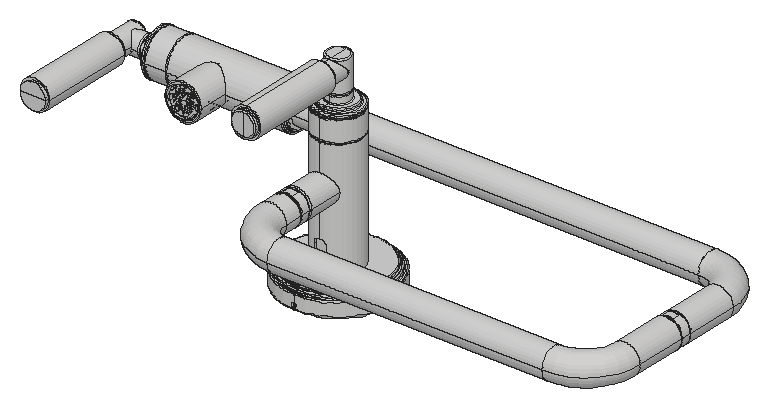
Revit family "Faucet-Wall_Mount-Pot_Filler-KALLISTA-Laura_Kirar-P28961", category Plumbing Fixtures, host Face, Revit 2021
Family settings
  Host = Face
  Round Connector Dimension = Use Diameter
  Part Type = Normal
  OmniClass Number = 23.31.11.00
  OmniClass Title = Faucets
  Cut with Voids When Loaded = No
  Shared = No
  Room Calculation Point = No
Parameters (values of type "VS-Stainless")
  Width = 2.88189"  # constant formula
  WaterSense Certified = 1 = 0  # no
  Waste Water Outlet = "Waste Water Outlet"  # constant formula
  Waste Connection = 1 = 0  # no
  Vent Connection = 1 = 0  # no
  URL = "https://www.kallista.com/"
  Type = 3
  Spout Reach = 4 1/4"  # constant formula
  Product Page URL = ""
  Product Name = "Laura Kirar"  # constant formula
  Product Documentation Link = ""
  Pressure = 60.00 psi  # constant formula
  Model = if(Type = 1, "P28961-00-CP", if(Type = 2, "P28961-00-SN", if(Type = 3, "P28961-00-VS", "NA")))  # "P28961-00-VS"
  Material = "Premium Metal Construction"  # constant formula
  Master Format 2014 Name = "Residential Faucets, Supplies, and Trim"  # constant formula
  Master Format 2014 = "22 41 39"  # constant formula
  Manufacturer Address = "444 Highland Dr, Kohler, WI 53044"  # constant formula
  Manufacturer = "Kallista Co."  # constant formula
  Length = L1 + L2  # 22 1/256"
  L2 = 13 33/256"  # constant formula
  L1 = 8 7/8"  # constant formula
  Hot Water Inlet = "Hot Water Inlet"  # constant formula
  Height = 5 17/64"  # constant formula
  Handle Clearance = 2 61/64"  # constant formula
  HW Connection = 1 = 1  # yes
  Flow Rate = 3.2 GPM  # constant formula
  Finish = Kallista-Metal-VS-Stainless
  Environmental Product Declaration = ""
  Drain Included = 1 = 0  # no
  Description = "Pot Filler"  # constant formula
  Default Elevation = 36"
  Declare Label = ""
  Date Modified = "05/19/2023"  # constant formula
  Date Created = "05/19/2023"  # constant formula
  Copyright = "Copyright Kallista Co."  # constant formula
  Contact Us = "https://www.kallista.com/corporate/contact-us/"
  Cold Water Inlet = "Cold Water Inlet"  # constant formula
  CW Connection = 1 = 1  # yes
  Assembly Code = "D2010"
  ADA Compliant = 1 = 0  # no
Reference planes (in)
  plane 1 "Center (Front/Back)": y = 0
  plane 2: z = 0
  plane 3 "Center (Left/Right)": x = 0
  plane 4: y = 2.34155
  plane 5: x = -4.25391
  plane 6: x = 1.44094
  plane 7: y = -2.72259
  plane 8: y = -3.48425
  plane 9: x = 8.875
  plane 10: x = 8.48961
  plane 11: x = 9.25732
  plane 12: y = -2.25
  plane 13: x = -1.44094
  plane 14: y = 1.77165
  plane 15: y = -1.44094
  plane 16: y = 2.15551
  plane 17: z = 5.17187
  plane 18: z = 4.37036
  plane 19: x = -0.50446
  plane 20: y = 1.44094
  plane 21: x = 0.50446
  plane 22: x = -7.06324
  plane 23: z = 5.26562
  plane 24: y = -2.95313
Dimensions and locks (in)
  "L2": plane 5 to plane 9
  "L1": plane 3 "Center (Left/Right)" to plane 9
  "Spout Reach": plane 5 to plane 3 "Center (Left/Right)"
  plane 3 "Center (Left/Right)" to plane 11 = 9.25732"
  plane 8 to plane 7 = 0.76167"
  plane 14 to plane 8 = 5.25591"
  "Width": plane 20 to plane 15
  "Height": level to plane 23
  "Handle Clearance": plane 1 "Center (Front/Back)" to plane 24
  aligned and locked: plane 2 to host face
  aligned and locked: level to host face
  aligned and locked: plane 3 "Center (Left/Right)" to nested 1
  aligned and locked: plane 1 "Center (Front/Back)" to nested 1
Automatic sketch dimensions
  host sketch curve to host sketch curve = 96"  (x2)
Nested families (in)
  nested 1: "P28961" at (0, 0, 0), type "P28961"
Connectors (in)
  piping at (-0.50443, 0, 0), diameter 0.5, driven by "Flow Rate", driven by "Pressure", driven by "HW Connection", driven by "Hot Water Inlet"
    settings: on nested 1, index 1, connector inside diameter 24", connector length 0", flow factor 0, pipe flow 3.2 GPM, pressure drop 60.00 psi, fitting loss kfactor 0, connector angle 0.00°, fixture units 0, engagement length 0", angle of deflection 0.00°, flow configuration 1, flow direction 1, fitting loss method 4, system type 19, joint type 0, gender type 0, connector reference index -1, connector utility 1, adjustable connector no, is connector primary yes, connector description "Hot Water Inlet"
  piping at (0.50443, 0, 0), diameter 0.5, driven by "Flow Rate", driven by "Pressure", driven by "CW Connection", driven by "Cold Water Inlet"
    settings: on nested 1, index 2, connector inside diameter 24", connector length 0", flow factor 0, pipe flow 3.2 GPM, pressure drop 60.00 psi, fitting loss kfactor 0, connector angle 0.00°, fixture units 0, engagement length 0", angle of deflection 0.00°, flow configuration 1, flow direction 1, fitting loss method 4, system type 20, joint type 0, gender type 0, connector reference index -1, connector utility 1, adjustable connector no, is connector primary no, connector description "Cold Water Inlet"
Definition of nested family "P28961"
  Parameters
    Material = none
    Default Elevation = 0"
  Reference planes (in)
    plane 1 "Center (Front/Back)": y = 0
    plane 2: z = 0
    plane 3 "Center (Left/Right)": x = 0
    plane 4: x = -1.44094
    plane 5: x = 1.44094
    plane 6: x = -4.25646
    plane 7: x = 8.87346
    plane 8: x = -7.06324
    plane 9: y = -0.48529
    plane 10: y = -3.48425
    plane 11: y = 1.77165
    plane 12: y = -2.72259
    plane 13: y = 2.15551
    plane 14: y = 1.3878
    plane 15: x = 8.48961
    plane 16: x = 9.25732
    plane 17: z = 5.26398
    plane 18: z = 4.37036
    plane 19: y = -2.24944
    plane 20: y = 1.44094
    plane 21: y = -1.44094
    plane 22: y = 2.34155
    plane 23: y = -2.95258
  Forms (in)
    Sweep 1, solid, material <- "Material", detail levels medium+fine
      path origin (0.00308, 0, 0) x (1, 0, 0) y (0, 1, 0)
        loop
          line (-0.00308, -1.67936) -> (-0.00308, -2.10273)
          arc (-0.00308, -2.10273) -> (0.29255, -2.81643) -> (1.00625, -3.11206) r 1.00932
          line (1.00625, -3.11206) -> (7.88707, -3.11206)
          arc (7.88707, -3.11206) -> (8.58305, -2.82378) -> (8.87133, -2.1278) r 0.98425
          line (8.87133, -2.1278) -> (8.87133, -0.84735)
      profile origin (0, -1.89105, 0) x (1, 0, 0) y (0, 0, 1)
        loop
          circle (0, 2.36229) r 0.37795
    Revolve 2, solid, material <- "Material", detail levels medium+fine
      sketch origin (0, 0, 2.35808) x (1, 0, 0) y (0, 1, 0)
        loop
          line (-2.30504, 1.77165) -> (-2.30504, 2.23942)
          arc (-2.30504, 2.23942) -> (-2.31111, 2.25407) -> (-2.32575, 2.26014) r 0.02071
          line (-2.32575, 2.26014) -> (-2.35966, 2.26014)
          arc (-2.35966, 2.26014) -> (-2.38203, 2.26815) -> (-2.39422, 2.28854) r 0.03523
          line (-2.39422, 2.28854) -> (-2.39422, 2.31991)
          arc (-2.39422, 2.31991) -> (-2.40012, 2.33415) -> (-2.41437, 2.34005) r 0.02015
          line (-2.41437, 2.34005) -> (-5.25499, 2.34005)
          arc (-5.25499, 2.34005) -> (-5.26954, 2.33398) -> (-5.27547, 2.31937) r 0.02049
          arc (-5.27547, 2.31937) -> (-5.28094, 2.3339) -> (-5.29522, 2.34) r 0.01976
          line (-5.29522, 2.34) -> (-5.80482, 2.34)
          arc (-5.80482, 2.34) -> (-5.81939, 2.33399) -> (-5.82551, 2.31946) r 0.0207
          line (-5.82551, 2.31946) -> (-5.82551, 2.24473) -> (-5.83497, 2.27773) -> (-5.83497, 2.31897)
          arc (-5.83497, 2.31897) -> (-5.84113, 2.33382) -> (-5.85598, 2.33998) r 0.02101
          line (-5.85598, 2.33998) -> (-5.89476, 2.33998)
          arc (-5.89476, 2.33998) -> (-5.90899, 2.33408) -> (-5.91489, 2.31984) r 0.02013
          line (-5.91489, 2.31984) -> (-5.91489, 2.23986)
          arc (-5.91489, 2.23986) -> (-5.92066, 2.22594) -> (-5.93458, 2.22017) r 0.01969
          line (-5.93458, 2.22017) -> (-5.97567, 2.22017)
          arc (-5.97567, 2.22017) -> (-5.98959, 2.21441) -> (-5.99535, 2.20049) r 0.01969
          line (-5.99535, 2.20049) -> (-5.99535, 2.05966)
          arc (-5.99535, 2.05966) -> (-6.00111, 2.04575) -> (-6.01502, 2.03999) r 0.01966
          line (-6.01502, 2.03999) -> (-6.15744, 2.03999)
          arc (-6.15744, 2.03999) -> (-6.1774, 2.03284) -> (-6.18827, 2.01463) r 0.03142
          arc (-6.18827, 2.01463) -> (-6.19839, 2.03281) -> (-6.2179, 2.04002) r 0.02999
          line (-6.2179, 2.04002) -> (-6.72882, 2.04002)
          arc (-6.72882, 2.04002) -> (-6.74686, 2.03255) -> (-6.75433, 2.01452) r 0.02551
          line (-6.75433, 2.01452) -> (-6.75433, 1.77165) -> (-2.30504, 1.77165)
        axis (-2.30504, 1.77165) -> (-6.75433, 1.77165)
      angle from 0 to 360
    Sweep 3, solid, material <- "Material", detail levels medium+fine
      path origin (0, 0, 2.35786) x (1, 0, 0) y (0, 1, 0)
        loop
          line (8.87346, -0.53887) -> (8.87346, 0.7874)
          arc (8.87346, 0.7874) -> (8.58518, 1.48337) -> (7.88921, 1.77165) r 0.98425
          line (7.88921, 1.77165) -> (-2.30469, 1.77165)
      profile origin (2.79226, 1.77165, 2.35786) x (0, -1, 0) y (0, 0, 1)
        loop
          circle (0, 0) r 0.37795
    Revolve 4, solid, material <- "Material", detail levels medium+fine
      sketch origin (0, -0.00136, 2.36069) x (1, 0, 0) y (0, 1, 0)
        loop
          line (8.87346, -0.81656) -> (8.87346, -0.53729) -> (8.5198, -0.53729)
          arc (8.5198, -0.53729) -> (8.50588, -0.54305) -> (8.50011, -0.55697) r 0.01969
          line (8.50011, -0.55697) -> (8.50011, -0.79688)
          arc (8.50011, -0.79688) -> (8.50588, -0.8108) -> (8.5198, -0.81656) r 0.01969
          line (8.5198, -0.81656) -> (8.87346, -0.81656)
        axis (8.87346, -0.81656) -> (8.87346, -0.53729)
      angle from 0 to 360
    Revolve 5, solid, material <- "Material", detail levels medium+fine
      sketch origin (0, 0, 0) x (0, 1, 0) y (0, 0, 1)
        loop
          line (0, 0) -> (1.35547, 0)
          arc (1.35547, 0) -> (1.36939, 0.00577) -> (1.37515, 0.01969) r 0.01969
          line (1.37515, 0.01969) -> (1.37515, 0.34544)
          arc (1.37515, 0.34544) -> (1.36929, 0.35959) -> (1.35515, 0.36545) r 0.02001
          line (1.35515, 0.36545) -> (1.30677, 0.36545)
          arc (1.30677, 0.36545) -> (1.2914, 0.37181) -> (1.28504, 0.38718) r 0.02173
          line (1.28504, 0.38718) -> (1.28504, 0.42117)
          arc (1.28504, 0.42117) -> (1.27795, 0.43828) -> (1.26084, 0.44537) r 0.0242
          line (1.26084, 0.44537) -> (1.22465, 0.44537)
          arc (1.22465, 0.44537) -> (1.21073, 0.45113) -> (1.20497, 0.46505) r 0.01969
          line (1.20497, 0.46505) -> (1.20497, 0.50576)
          arc (1.20497, 0.50576) -> (1.1992, 0.51968) -> (1.18528, 0.52544) r 0.01969
          line (1.18528, 0.52544) -> (0.58013, 0.52544) -> (0.58013, 3.4364)
          arc (0.58013, 3.4364) -> (0.57444, 3.45065) -> (0.5605, 3.45706) r 0.02069
          arc (0.5605, 3.45706) -> (0.57436, 3.4628) -> (0.58009, 3.47666) r 0.0196
          line (0.58009, 3.47666) -> (0.58009, 3.9871)
          arc (0.58009, 3.9871) -> (0.57433, 4.00102) -> (0.56041, 4.00679) r 0.01969
          line (0.56041, 4.00679) -> (0.52064, 4.00679) -> (0.48336, 4.01666) -> (0.56034, 4.01666)
          arc (0.56034, 4.01666) -> (0.57426, 4.02243) -> (0.58003, 4.03635) r 0.01969
          line (0.58003, 4.03635) -> (0.58003, 4.07708)
          arc (0.58003, 4.07708) -> (0.57426, 4.09101) -> (0.56034, 4.09677) r 0.01969
          line (0.56034, 4.09677) -> (0.47986, 4.09677)
          arc (0.47986, 4.09677) -> (0.46594, 4.10254) -> (0.46018, 4.11646) r 0.01969
          line (0.46018, 4.11646) -> (0.46018, 4.15691)
          arc (0.46018, 4.15691) -> (0.45441, 4.17083) -> (0.44049, 4.17659) r 0.01969
          line (0.44049, 4.17659) -> (0.29974, 4.17659)
          arc (0.29974, 4.17659) -> (0.28582, 4.18236) -> (0.28005, 4.19628) r 0.01969
          line (0.28005, 4.19628) -> (0.28005, 4.33949)
          arc (0.28005, 4.33949) -> (0.27195, 4.36026) -> (0.25192, 4.37006) r 0.03068
          arc (0.25192, 4.37006) -> (0.27198, 4.38036) -> (0.28004, 4.40141) r 0.03153
          line (0.28004, 4.40141) -> (0.28004, 5.14076)
          arc (0.28004, 5.14076) -> (0.27153, 5.16129) -> (0.251, 5.16979) r 0.02903
          line (0.251, 5.16979) -> (0, 5.16979) -> (0, 0)
        axis (0, 0) -> (0, 5.16979)
      angle from 0 to 360
    Revolve 6, solid, material <- "Material", detail levels medium+fine
      sketch origin (0, 0, 2.37451) x (1, 0, 0) y (0, 1, 0)
        loop
          line (-4.69104, 0.44997) -> (-4.65514, 0.44997) -> (-4.65514, 0.77143) -> (-4.25646, 0.77143) -> (-4.25646, 1.45132) -> (-4.71073, 1.45132) -> (-4.71073, 0.46965)
          arc (-4.71073, 0.46965) -> (-4.70496, 0.45573) -> (-4.69104, 0.44997) r 0.01969
        axis (-4.25646, 0.44997) -> (-4.25646, 1.45132)
      angle from 0 to 360
    Extrusion 7, void
      sketch origin (0, 0, 0) x (1, 0, 0) y (0, 0, 1)
        loop
          line (-0.15335, 0.5293) -> (0.15066, 0.5293) -> (0.15066, 1.11596)
          arc (0.15066, 1.11596) -> (-0.00134, 1.26796) -> (-0.15335, 1.11596) r 0.152
          line (-0.15335, 1.11596) -> (-0.15335, 0.5293)
      from 0.51629 to 0.84735
    Revolve 8, void
      sketch origin (0, 0, 0) x (0, 1, 0) y (0, 0, 1)
        loop
          line (-1.22487, 0.11743) -> (-1.22487, 0.18337) -> (-1.48113, 0.18337) -> (-1.48113, 0.11743) -> (-1.22487, 0.11743)
        axis (-1.22487, 0.11743) -> (-1.48113, 0.11743)
      angle from 0 to 360
    Revolve 9, solid, detail levels medium+fine
      sketch origin (0, 0, 0) x (0, 1, 0) y (0, 0, 1)
        loop
          line (-1.34528, 0.17893) -> (-1.34528, 0.11803) -> (-1.22479, 0.11803) -> (-1.22479, 0.17893) -> (-1.34528, 0.17893)
        axis (-1.22479, 0.11803) -> (-1.34528, 0.11803)
      angle from 0 to 360
    Extrusion 10, void
      sketch origin (0, 0, 0) x (1, 0, 0) y (0, 0, 1)
        loop
          line (0.02567, 0.1612) -> (-0.02542, 0.1612) -> (-0.05096, 0.11696) -> (-0.02542, 0.07272) -> (0.02567, 0.07272) -> (0.05121, 0.11696) -> (0.02567, 0.1612)
      from 1.31649 to 1.54626
    Extrusion 11, solid, detail levels medium+fine
      sketch origin (0, 0, 0) x (1, 0, 0) y (0, 0, 1)
        loop
          arc (-4.31154, 2.6867) -> (-4.25514, 2.6915) -> (-4.19875, 2.6867) r 0.33337
          line (-4.19875, 2.6867) -> (-4.19066, 2.72711)
          arc (-4.19066, 2.72711) -> (-4.25457, 2.7335) -> (-4.31851, 2.72733) r 0.32841
          line (-4.31851, 2.72733) -> (-4.31154, 2.6867)
        loop
          arc (-4.52054, 2.55306) -> (-4.48395, 2.59627) -> (-4.44038, 2.63242) r 0.32262
          line (-4.44038, 2.63242) -> (-4.46454, 2.66692)
          arc (-4.46454, 2.66692) -> (-4.51425, 2.62621) -> (-4.55536, 2.57682) r 0.33785
          line (-4.55536, 2.57682) -> (-4.52054, 2.55306)
        loop
          line (-4.57499, 2.42323) -> (-4.61637, 2.42959)
          arc (-4.61637, 2.42959) -> (-4.62181, 2.36684) -> (-4.61637, 2.30408) r 0.36451
          line (-4.61637, 2.30408) -> (-4.57499, 2.31044)
          arc (-4.57499, 2.31044) -> (-4.57929, 2.36684) -> (-4.57499, 2.42323) r 0.37163
        loop
          line (-4.52051, 2.18067) -> (-4.55471, 2.15628)
          arc (-4.55471, 2.15628) -> (-4.51368, 2.10781) -> (-4.46522, 2.06678) r 0.38363
          line (-4.46522, 2.06678) -> (-4.44082, 2.10098)
          arc (-4.44082, 2.10098) -> (-4.48436, 2.13713) -> (-4.52051, 2.18067) r 0.30651
        loop
          arc (-4.19841, 2.04631) -> (-4.25491, 2.04262) -> (-4.3114, 2.04631) r 0.43357
          line (-4.3114, 2.04631) -> (-4.31839, 2.00671)
          arc (-4.31839, 2.00671) -> (-4.25491, 2.00075) -> (-4.19142, 2.00671) r 0.34154
          line (-4.19142, 2.00671) -> (-4.19841, 2.04631)
        loop
          arc (-3.98921, 2.18116) -> (-4.0259, 2.13793) -> (-4.06914, 2.10124) r 0.34777
          line (-4.06914, 2.10124) -> (-4.04908, 2.0726)
          arc (-4.04908, 2.0726) -> (-4.00245, 2.1139) -> (-3.9631, 2.16219) r 0.38429
          line (-3.9631, 2.16219) -> (-3.98921, 2.18116)
        loop
          arc (-3.93521, 2.42276) -> (-3.93005, 2.36664) -> (-3.93521, 2.31053) r 0.30807
          line (-3.93521, 2.31053) -> (-3.89431, 2.30332)
          arc (-3.89431, 2.30332) -> (-3.88724, 2.36664) -> (-3.89431, 2.42997) r 0.28707
          line (-3.89431, 2.42997) -> (-3.93521, 2.42276)
        loop
          arc (-4.06866, 2.63275) -> (-4.02582, 2.59574) -> (-3.98881, 2.5529) r 0.38962
          line (-3.98881, 2.5529) -> (-3.95498, 2.57659)
          arc (-3.95498, 2.57659) -> (-3.99566, 2.6259) -> (-4.04497, 2.66658) r 0.33526
          line (-4.04497, 2.66658) -> (-4.06866, 2.63275)
      from -1.09658 to -0.44997
    Revolve 12, solid, detail levels medium+fine
      sketch origin (0, -0.00141, 2.37969) x (1, 0, 0) y (0, 1, 0)
        loop
          line (-4.25453, 0.499) -> (-4.25453, 1.00032) -> (-4.68354, 1.00032) -> (-4.68354, 0.57004) -> (-4.62349, 0.57004) -> (-4.62349, 0.499) -> (-4.25453, 0.499)
        axis (-4.25453, 0.499) -> (-4.25453, 1.00032)
      angle from 0 to 360
    Extrusion 13, void
      sketch origin (0, 0, 0) x (1, 0, 0) y (0, 0, 1)
        loop
          circle (-4.25583, 2.60852) r 0.0315
        loop
          circle (-4.15642, 2.58282) r 0.0315
        loop
          circle (-4.07545, 2.52134) r 0.0315
        loop
          circle (-4.02729, 2.42937) r 0.0315
        loop
          circle (-4.36226, 2.58282) r 0.0315
        loop
          circle (-4.44324, 2.52134) r 0.0315
        loop
          circle (-4.49139, 2.42937) r 0.0315
        loop
          circle (-4.25583, 2.12439) r 0.0315
        loop
          circle (-4.15642, 2.15009) r 0.0315
        loop
          circle (-4.07545, 2.21158) r 0.0315
        loop
          circle (-4.02729, 2.30354) r 0.0315
        loop
          circle (-4.36226, 2.15009) r 0.0315
        loop
          circle (-4.44324, 2.21158) r 0.0315
        loop
          circle (-4.49139, 2.30354) r 0.0315
        loop
          circle (-4.21136, 2.53546) r 0.0315
        loop
          circle (-4.13943, 2.50285) r 0.0315
        loop
          circle (-4.09388, 2.44132) r 0.0315
        loop
          circle (-4.07773, 2.36646) r 0.0315
        loop
          circle (-4.21751, 2.19745) r 0.0315
        loop
          circle (-4.13943, 2.23006) r 0.0315
        loop
          circle (-4.09388, 2.2916) r 0.0315
        loop
          circle (-4.30117, 2.53546) r 0.0315
        loop
          circle (-4.37925, 2.50285) r 0.0315
        loop
          circle (-4.4248, 2.44132) r 0.0315
        loop
          circle (-4.44095, 2.36646) r 0.0315
        loop
          circle (-4.30733, 2.19745) r 0.0315
        loop
          circle (-4.37925, 2.23006) r 0.0315
        loop
          circle (-4.4248, 2.2916) r 0.0315
        loop
          circle (-4.25934, 2.47229) r 0.0315
        loop
          circle (-4.17265, 2.42716) r 0.0315
        loop
          circle (-4.15694, 2.33971) r 0.0315
        loop
          circle (-4.2233, 2.26695) r 0.0315
        loop
          circle (-4.30993, 2.2735) r 0.0315
        loop
          circle (-4.36085, 2.3365) r 0.0315
        loop
          circle (-4.3489, 2.42285) r 0.0315
      from -0.77143 to -0.26274
    Revolve 14, solid, detail levels medium+fine
      sketch origin (0, -0.00821, 2.35818) x (1, 0, 0) y (0, 1, 0)
        loop
          line (8.87133, -0.84735) -> (8.87133, -0.81013) -> (8.49893, -0.81013) -> (8.49893, -0.84735) -> (8.87133, -0.84735)
        axis (8.87133, -0.84735) -> (8.87133, -0.80798)
      angle from 0 to 360
    Revolve 15, solid, detail levels medium+fine
      sketch origin (-8.8752, -0.6385, 2.36103) x (1, 0, 0) y (0, 1, 0)
        loop
          line (8.87133, -1.04086) -> (8.87133, -0.99908) -> (8.49725, -0.99908) -> (8.49725, -1.04086) -> (8.87133, -1.04086)
        axis (8.87133, -1.04086) -> (8.87133, -0.99908)
      angle from 0 to 360
    Revolve 16, solid, material <- "Material", detail levels medium+fine
      sketch origin (0, 0, 2.3622) x (1, 0, 0) y (0, 1, 0)
        loop
          line (0, -0.42773) -> (0, -1.35847) -> (0.32951, -1.35847)
          arc (0.32951, -1.35847) -> (0.36367, -1.34432) -> (0.37782, -1.31016) r 0.04831
          line (0.37782, -1.31016) -> (0.37782, -0.42773) -> (0, -0.42773)
        axis (0, -1.35847) -> (0, -0.42773)
      angle from 0 to 360
    Revolve 17, solid, detail levels medium+fine
      sketch origin (0, -0.00665, 2.36252) x (1, 0, 0) y (0, 1, 0)
        loop
          line (-5.82551, 2.31946) -> (-5.85873, 2.31946) -> (-5.85873, 1.77165) -> (-5.82551, 1.77165) -> (-5.82551, 2.31946)
        axis (-5.82551, 1.77165) -> (-5.86488, 1.77165)
      angle from 0 to 360
    Revolve 18, solid, detail levels medium+fine
      sketch origin (0, 0, 0) x (0, 1, 0) y (0, 0, 1)
        loop
          line (0, 3.99986) -> (0.58, 3.99986) -> (0.58, 4.03231) -> (0, 4.03231) -> (0, 3.99986)
        axis (0, 3.99986) -> (0, 4.03923)
      angle from 0 to 360
    Sweep 19, solid, material <- "Material", detail levels coarse
      path origin (0, 0, 2.35786) x (1, 0, 0) y (0, 1, 0)
        loop
          line (-2.30469, 1.77165) -> (7.88921, 1.77165)
          arc (7.88921, 1.77165) -> (8.58518, 1.48337) -> (8.87346, 0.7874) r 0.98425
          line (8.87346, 0.7874) -> (8.87346, -2.11917)
          arc (8.87346, -2.11917) -> (8.58518, -2.81514) -> (7.88921, -3.10342) r 0.98425
          line (7.88921, -3.10342) -> (0.98425, -3.10342)
          arc (0.98425, -3.10342) -> (0.28828, -2.81514) -> (0, -2.11917) r 0.98425
          line (0, -2.11917) -> (0, -0.34751)
      profile origin (0, -1.23334, 2.35786) x (-1, 0, 0) y (0, 0, 1)
        loop
          circle (-0.00045, 0) r 0.37795
    Revolve 20, solid, material <- "Material", detail levels coarse
      sketch origin (0, 0, 2.3499) x (1, 0, 0) y (0, 1, 0)
        loop
          line (-2.30504, 1.77165) -> (-2.30504, 2.23073) -> (-2.41437, 2.34005) -> (-5.35303, 2.34) -> (-5.80482, 2.34) -> (-5.99741, 2.23688) -> (-5.99741, 2.04002) -> (-6.73784, 2.04002)
          arc (-6.73784, 2.04002) -> (-6.75588, 2.03255) -> (-6.76335, 2.01452) r 0.02551
          line (-6.76335, 2.01452) -> (-6.76335, 1.77165) -> (-2.30504, 1.77165)
        axis (-2.30504, 1.77165) -> (-6.76335, 1.77165)
      angle from 0 to 360
    Revolve 21, solid, material <- "Material", detail levels coarse
      sketch origin (0, 0.0128, 2.37682) x (1, 0, 0) y (0, 1, 0)
        loop
          line (-4.69104, 0.44997) -> (-4.25646, 0.44997) -> (-4.25646, 1.45132) -> (-4.71073, 1.45132) -> (-4.71073, 0.46965)
          arc (-4.71073, 0.46965) -> (-4.70496, 0.45573) -> (-4.69104, 0.44997) r 0.01969
        axis (-4.25646, 0.44997) -> (-4.25646, 1.45132)
      angle from 0 to 360
    Revolve 22, solid, material <- "Material", detail levels coarse
      sketch origin (0, 0, 0) x (0, 1, 0) y (0, 0, 1)
        loop
          line (0, 0) -> (1.37859, 0) -> (1.37859, 0.36375) -> (1.28632, 0.36375) -> (1.28632, 0.44608) -> (1.20827, 0.44608) -> (1.20827, 0.5293) -> (0.84487, 0.5293) -> (0.58013, 0.5293) -> (0.58013, 3.99982) -> (0.43677, 4.17768) -> (0.28004, 4.17768) -> (0.28004, 5.14076)
          arc (0.28004, 5.14076) -> (0.27153, 5.16129) -> (0.251, 5.16979) r 0.02903
          line (0.251, 5.16979) -> (0, 5.16979) -> (0, 0)
        axis (0, 0) -> (0, 5.16979)
      angle from 0 to 360
    Extrusion 23, void
      sketch origin (0, 0, 0) x (1, 0, 0) y (0, 1, 0)
        loop
          line (8.73926, -0.7985) -> (9.01063, -0.7985) -> (9.01063, -0.56996)
          arc (9.01063, -0.56996) -> (8.87494, -0.55138) -> (8.73926, -0.56996) r 0.50481
          line (8.73926, -0.56996) -> (8.73926, -0.7985)
      from 2.70923 to 2.77969
    Extrusion 24, solid, material <- "Material", detail levels medium+fine
      sketch origin (0, 0, 0) x (1, 0, 0) y (0, 1, 0)
        loop
          circle (-0.50443, 0) r 0.07874
        loop
          circle (0.50443, 0) r 0.07874
      from 0 to 0.11028
    Revolve 25, solid, material <- "Material", detail levels medium+fine
      sketch origin (-8.88287, -0.82228, 2.36069) x (1, 0, 0) y (0, 1, 0)
        loop
          line (8.879, -0.81656) -> (8.879, -0.53729) -> (8.5198, -0.53729)
          arc (8.5198, -0.53729) -> (8.50588, -0.54305) -> (8.50011, -0.55697) r 0.01969
          line (8.50011, -0.55697) -> (8.50011, -0.79688)
          arc (8.50011, -0.79688) -> (8.50588, -0.8108) -> (8.5198, -0.81656) r 0.01969
          line (8.5198, -0.81656) -> (8.879, -0.81656)
        axis (8.879, -0.81656) -> (8.879, -0.53729)
      angle from 0 to 360
    Extrusion 26, void
      sketch origin (0, 0.01845, 0) x (1, 0, 0) y (0, 1, 0)
        loop
          line (-0.13689, -1.64554) -> (0.13448, -1.64554) -> (0.13448, -1.40848)
          arc (0.13448, -1.40848) -> (-0.0009, -1.38771) -> (-0.13689, -1.40409) r 0.50481
          line (-0.13689, -1.40409) -> (-0.13689, -1.64554)
      from 2.70363 to 2.81484
    Revolve 27, solid, material <- "Material", detail levels medium+fine
      sketch origin (0, 0, 2.37445) x (1, 0, 0) y (0, 1, 0)
        loop
          line (-6.6896, -1.19281) -> (-6.6896, 2.03972) -> (-6.94499, 2.03972)
          arc (-6.94499, 2.03972) -> (-6.96164, 2.03282) -> (-6.96854, 2.01617) r 0.02355
          line (-6.96854, 2.01617) -> (-6.96854, 1.28522)
          arc (-6.96854, 1.28522) -> (-6.96378, 1.27063) -> (-6.95135, 1.26165) r 0.02475
          line (-6.95135, 1.26165) -> (-7.03054, 1.26165) -> (-7.03054, 1.19099) -> (-7.06324, 1.19099) -> (-7.06324, -1.1228) -> (-7.00853, -1.1228) -> (-7.00853, -1.19281) -> (-6.6896, -1.19281)
        axis (-6.6896, 2.03972) -> (-6.6896, -1.19281)
      angle from 0 to 360
    Revolve 28, solid, material <- "Material", detail levels medium+fine
      sketch origin (0, 0, 0) x (0, 1, 0) y (0, 0, 1)
        loop
          line (-2.98992, 4.87929) -> (0.03402, 4.87929) -> (0.03402, 5.15434) -> (-0.46982, 5.15434)
          arc (-0.46982, 5.15434) -> (-0.48462, 5.14837) -> (-0.49113, 5.1338) r 0.02132
          line (-0.49113, 5.1338) -> (-0.49113, 5.178)
          arc (-0.49113, 5.178) -> (-0.49692, 5.19197) -> (-0.51089, 5.19776) r 0.01976
          line (-0.51089, 5.19776) -> (-0.54784, 5.19776)
          arc (-0.54784, 5.19776) -> (-0.56248, 5.20382) -> (-0.56854, 5.21845) r 0.02069
          line (-0.56854, 5.21845) -> (-0.56854, 5.25219) -> (-2.88294, 5.25219) -> (-2.88294, 5.20414)
          arc (-2.88294, 5.20414) -> (-2.88897, 5.18958) -> (-2.90353, 5.18355) r 0.02059
          line (-2.90353, 5.18355) -> (-2.965, 5.18355)
          arc (-2.965, 5.18355) -> (-2.98262, 5.17626) -> (-2.98992, 5.15864) r 0.02492
          line (-2.98992, 5.15864) -> (-2.98992, 4.87929)
        axis (-2.98992, 4.87929) -> (0.03402, 4.87929)
      angle from 0 to 360
    Revolve 29, solid, material <- "Material", detail levels coarse
      sketch origin (-0.00858, 0, 2.37845) x (1, 0, 0) y (0, 1, 0)
        loop
          line (-6.6896, -1.19281) -> (-6.6896, 2.03972) -> (-6.94499, 2.03972)
          arc (-6.94499, 2.03972) -> (-6.96164, 2.03282) -> (-6.96854, 2.01617) r 0.02355
          line (-6.96854, 2.01617) -> (-6.96854, 1.28522)
          arc (-6.96854, 1.28522) -> (-6.96378, 1.27063) -> (-6.95135, 1.26165) r 0.02475
          line (-6.95135, 1.26165) -> (-7.00901, 1.26165)
          arc (-7.00901, 1.26165) -> (-7.02423, 1.25535) -> (-7.03054, 1.24012) r 0.02153
          line (-7.03054, 1.24012) -> (-7.03054, 1.19099) -> (-7.06324, 1.19099) -> (-7.06324, -1.1228) -> (-7.02983, -1.1228)
          arc (-7.02983, -1.1228) -> (-7.01477, -1.12904) -> (-7.00853, -1.14411) r 0.0213
          line (-7.00853, -1.14411) -> (-7.00853, -1.19281) -> (-6.6896, -1.19281)
        axis (-6.6896, 2.03972) -> (-6.6896, -1.19281)
      angle from 0 to 360
    Revolve 30, solid, material <- "Material", detail levels coarse
      sketch origin (0, 0, 0) x (0, 1, 0) y (0, 0, 1)
        loop
          line (-2.98992, 4.87929) -> (0.03402, 4.87929) -> (0.03402, 5.15434) -> (-0.46982, 5.15434)
          arc (-0.46982, 5.15434) -> (-0.48462, 5.14837) -> (-0.49113, 5.1338) r 0.02132
          line (-0.49113, 5.1338) -> (-0.49113, 5.19776) -> (-0.56854, 5.19776) -> (-0.56854, 5.25219) -> (-2.88294, 5.25219) -> (-2.88294, 5.18355) -> (-2.98992, 5.18355) -> (-2.98992, 4.87929)
        axis (-2.98992, 4.87929) -> (0.03402, 4.87929)
      angle from 0 to 360
  Cuts and joins
    Extrusion 23 cuts Revolve 4
    Extrusion 7, Revolve 8 cuts Revolve 5
    joined: Sweep 1, Sweep 3, Revolve 4, Revolve 5, Revolve 16
    Extrusion 10 cuts Revolve 9
    Extrusion 13 cuts Revolve 12
    joined: Sweep 19, Revolve 20
    Extrusion 26 cuts Revolve 25
  Lines and regions (in)
    Masking region 1
      outline origin (0, 0, 0) x (1, 0, 0) y (0, 1, 0)
        loop
          arc (-6.96942, 1.28511) -> (-6.9634, 1.26911) -> (-6.94832, 1.26106) r 0.02426
          line (-6.94832, 1.26106) -> (-7.01079, 1.26106)
          arc (-7.01079, 1.26106) -> (-7.02471, 1.25529) -> (-7.03048, 1.24137) r 0.01969
          line (-7.03048, 1.24137) -> (-7.03048, 1.20744)
          arc (-7.03048, 1.20744) -> (-7.03624, 1.19352) -> (-7.05016, 1.18776) r 0.01969
          line (-7.05016, 1.18776) -> (-7.06324, 1.15972) -> (-7.06324, -1.1228) -> (-7.02909, -1.1228)
          arc (-7.02909, -1.1228) -> (-7.0149, -1.12868) -> (-7.00902, -1.14287) r 0.02006
          line (-7.00902, -1.14287) -> (-7.00902, -1.18173)
          arc (-7.00902, -1.18173) -> (-7.00326, -1.19565) -> (-6.98934, -1.20142) r 0.01969
          line (-6.98934, -1.20142) -> (-6.6896, -1.20142) -> (-6.38986, -1.20142)
          arc (-6.38986, -1.20142) -> (-6.37594, -1.19565) -> (-6.37018, -1.18173) r 0.01969
          line (-6.37018, -1.18173) -> (-6.37018, -1.14287)
          arc (-6.37018, -1.14287) -> (-6.3643, -1.12868) -> (-6.35012, -1.1228) r 0.02006
          line (-6.35012, -1.1228) -> (-6.31597, -1.1228) -> (-6.31597, 1.15972) -> (-6.32904, 1.18776)
          arc (-6.32904, 1.18776) -> (-6.34296, 1.19352) -> (-6.34873, 1.20744) r 0.01969
          line (-6.34873, 1.20744) -> (-6.34873, 1.24137)
          arc (-6.34873, 1.24137) -> (-6.35449, 1.25529) -> (-6.36841, 1.26106) r 0.01969
          line (-6.36841, 1.26106) -> (-6.43088, 1.26106)
          arc (-6.43088, 1.26106) -> (-6.4158, 1.26911) -> (-6.40978, 1.28511) r 0.02426
          line (-6.40978, 1.28511) -> (-6.40978, 1.45507)
          arc (-6.40978, 1.45507) -> (-6.40242, 1.47284) -> (-6.38465, 1.4802) r 0.02513
          line (-6.38465, 1.4802) -> (-6.21212, 1.4802)
          arc (-6.21212, 1.4802) -> (-6.19592, 1.48364) -> (-6.18813, 1.49826) r 0.0196
          line (-6.18813, 1.49826) -> (-6.18813, 1.5311)
          arc (-6.18813, 1.5311) -> (-6.17816, 1.51148) -> (-6.15763, 1.50359) r 0.03066
          line (-6.15763, 1.50359) -> (-6.01883, 1.50359)
          arc (-6.01883, 1.50359) -> (-6.00229, 1.49674) -> (-5.99544, 1.4802) r 0.02339
          line (-5.99544, 1.4802) -> (-5.99544, 1.3435)
          arc (-5.99544, 1.3435) -> (-5.98953, 1.32924) -> (-5.97527, 1.32334) r 0.02017
          line (-5.97527, 1.32334) -> (-5.93684, 1.32334)
          arc (-5.93684, 1.32334) -> (-5.92156, 1.31701) -> (-5.91523, 1.30172) r 0.02162
          line (-5.91523, 1.30172) -> (-5.91523, 1.22306)
          arc (-5.91523, 1.22306) -> (-5.9094, 1.20898) -> (-5.89533, 1.20315) r 0.0199
          line (-5.89533, 1.20315) -> (-5.85454, 1.20315)
          arc (-5.85454, 1.20315) -> (-5.8407, 1.20888) -> (-5.83497, 1.22272) r 0.01956
          line (-5.83497, 1.22272) -> (-5.83497, 1.29889) -> (-5.82494, 1.26388) -> (-5.82494, 1.23253)
          arc (-5.82494, 1.23253) -> (-5.81639, 1.2119) -> (-5.79576, 1.20335) r 0.02918
          line (-5.79576, 1.20335) -> (-5.29369, 1.20335)
          arc (-5.29369, 1.20335) -> (-5.27995, 1.20954) -> (-5.27547, 1.22394) r 0.01835
          arc (-5.27547, 1.22394) -> (-5.26898, 1.20939) -> (-5.25421, 1.20342) r 0.02128
          line (-5.25421, 1.20342) -> (-4.76828, 1.20342)
          arc (-4.76828, 1.20342) -> (-4.72734, 1.18647) -> (-4.71038, 1.14553) r 0.0579
          line (-4.71038, 1.14553) -> (-4.71038, 0.47113)
          arc (-4.71038, 0.47113) -> (-4.70418, 0.45617) -> (-4.68922, 0.44997) r 0.02116
          line (-4.68922, 0.44997) -> (-4.25646, 0.44997) -> (-3.82369, 0.44997)
          arc (-3.82369, 0.44997) -> (-3.80873, 0.45617) -> (-3.80253, 0.47113) r 0.02116
          line (-3.80253, 0.47113) -> (-3.80253, 1.14555)
          arc (-3.80253, 1.14555) -> (-3.78558, 1.18647) -> (-3.74466, 1.20342) r 0.05787
          line (-3.74466, 1.20342) -> (-2.4145, 1.20342)
          arc (-2.4145, 1.20342) -> (-2.40003, 1.20942) -> (-2.39403, 1.22389) r 0.02047
          line (-2.39403, 1.22389) -> (-2.39403, 1.26041)
          arc (-2.39403, 1.26041) -> (-2.37866, 1.28807) -> (-2.34705, 1.28961) r 0.03257
          arc (-2.34705, 1.28961) -> (-2.31798, 1.29104) -> (-2.30384, 1.31648) r 0.02996
          line (-2.30384, 1.31648) -> (-2.30384, 1.3878) -> (-0.41782, 1.3878)
          arc (-0.41782, 1.3878) -> (-1.44919, -0.01996) -> (-0.37944, -1.39878) r 1.44933
          line (-0.37944, -1.39878) -> (-0.37944, -1.61214) -> (-0.37944, -2.1063)
          arc (-0.37944, -2.1063) -> (-0.37856, -2.15547) -> (-0.37593, -2.20458) r 1.37795
          line (-0.37593, -2.20458) -> (-0.37593, -2.88358) -> (-0.34002, -2.88358)
          arc (-0.34002, -2.88358) -> (-0.32589, -2.88944) -> (-0.32003, -2.90357) r 0.01999
          line (-0.32003, -2.90357) -> (-0.32003, -2.93656)
          arc (-0.32003, -2.93656) -> (-0.31184, -2.95158) -> (-0.29477, -2.95281) r 0.01785
          line (-0.29477, -2.95281) -> (-0.08876, -2.95281)
          arc (-0.08876, -2.95281) -> (0.39341, -3.34428) -> (0.99852, -3.48425) r 1.37795
          line (0.99852, -3.48425) -> (7.87937, -3.48425)
          arc (7.87937, -3.48425) -> (8.85373, -3.08066) -> (9.25732, -2.1063) r 1.37795
          line (9.25732, -2.1063) -> (9.25732, -0.84545)
          arc (9.25732, -0.84545) -> (9.25154, -0.8315) -> (9.23759, -0.82572) r 0.01973
          arc (9.23759, -0.82572) -> (9.25187, -0.81531) -> (9.25732, -0.7985) r 0.02863
          line (9.25732, -0.7985) -> (9.25732, -0.56996)
          arc (9.25732, -0.56996) -> (9.25037, -0.5553) -> (9.23463, -0.55139) r 0.01895
          arc (9.23463, -0.55139) -> (9.25068, -0.54474) -> (9.25732, -0.52869) r 0.0227
          line (9.25732, -0.52869) -> (9.25732, 0.7169)
          arc (9.25732, 0.7169) -> (8.83596, 1.73415) -> (7.81871, 2.15551) r 1.43861
          line (7.81871, 2.15551) -> (-2.30384, 2.15551) -> (-2.30384, 2.22683)
          arc (-2.30384, 2.22683) -> (-2.31798, 2.25227) -> (-2.34705, 2.25369) r 0.02996
          arc (-2.34705, 2.25369) -> (-2.37866, 2.25524) -> (-2.39403, 2.2829) r 0.03257
          line (-2.39403, 2.2829) -> (-2.39403, 2.31941)
          arc (-2.39403, 2.31941) -> (-2.40003, 2.33389) -> (-2.4145, 2.33988) r 0.02047
          line (-2.4145, 2.33988) -> (-5.25421, 2.33988)
          arc (-5.25421, 2.33988) -> (-5.26898, 2.33392) -> (-5.27547, 2.31937) r 0.02128
          arc (-5.27547, 2.31937) -> (-5.27995, 2.33377) -> (-5.29369, 2.33995) r 0.01835
          line (-5.29369, 2.33995) -> (-5.79576, 2.33995)
          arc (-5.79576, 2.33995) -> (-5.81639, 2.33141) -> (-5.82494, 2.31078) r 0.02918
          line (-5.82494, 2.31078) -> (-5.82494, 2.27943) -> (-5.83497, 2.24442) -> (-5.83497, 2.32059)
          arc (-5.83497, 2.32059) -> (-5.8407, 2.33442) -> (-5.85454, 2.34015) r 0.01956
          line (-5.85454, 2.34015) -> (-5.89533, 2.34015)
          arc (-5.89533, 2.34015) -> (-5.9094, 2.33432) -> (-5.91523, 2.32025) r 0.0199
          line (-5.91523, 2.32025) -> (-5.91523, 2.24159)
          arc (-5.91523, 2.24159) -> (-5.92156, 2.2263) -> (-5.93684, 2.21997) r 0.02162
          line (-5.93684, 2.21997) -> (-5.97527, 2.21997)
          arc (-5.97527, 2.21997) -> (-5.98953, 2.21406) -> (-5.99544, 2.1998) r 0.02017
          line (-5.99544, 2.1998) -> (-5.99544, 2.0631)
          arc (-5.99544, 2.0631) -> (-6.00229, 2.04656) -> (-6.01883, 2.03971) r 0.02339
          line (-6.01883, 2.03971) -> (-6.15763, 2.03971)
          arc (-6.15763, 2.03971) -> (-6.17888, 2.03115) -> (-6.18827, 2.01025) r 0.03066
          arc (-6.18827, 2.01025) -> (-6.19721, 2.03111) -> (-6.21822, 2.03971) r 0.02996
          line (-6.21822, 2.03971) -> (-6.94394, 2.03971)
          arc (-6.94394, 2.03971) -> (-6.96196, 2.03225) -> (-6.96942, 2.01423) r 0.02549
          line (-6.96942, 2.01423) -> (-6.96942, 1.28511)
        loop
          line (7.85974, 1.3878) -> (0.41782, 1.3878)
          arc (0.41782, 1.3878) -> (1.44918, -0.02079) -> (0.37783, -1.39921) r 1.44933
          line (0.37783, -1.39921) -> (0.37783, -1.56314) -> (0.37783, -2.1004)
          arc (0.37783, -2.1004) -> (0.56006, -2.54035) -> (1.00002, -2.72259) r 0.62219
          line (1.00002, -2.72259) -> (7.89905, -2.72259)
          arc (7.89905, -2.72259) -> (8.31664, -2.54962) -> (8.48961, -2.13204) r 0.59055
          line (8.48961, -2.13204) -> (8.48961, -0.84545)
          arc (8.48961, -0.84545) -> (8.49539, -0.8315) -> (8.50934, -0.82572) r 0.01973
          arc (8.50934, -0.82572) -> (8.49506, -0.81531) -> (8.48961, -0.7985) r 0.02863
          line (8.48961, -0.7985) -> (8.48961, -0.56996)
          arc (8.48961, -0.56996) -> (8.49655, -0.5553) -> (8.5123, -0.55139) r 0.01895
          arc (8.5123, -0.55139) -> (8.49625, -0.54474) -> (8.48961, -0.52869) r 0.0227
          line (8.48961, -0.52869) -> (8.48961, 0.75793)
          arc (8.48961, 0.75793) -> (8.30512, 1.20331) -> (7.85974, 1.3878) r 0.62986
    Masking region 2
      outline origin (0, 0, 0) x (0, 1, 0) y (0, 0, 1)
        loop
          line (-0.58013, 0.5293) -> (-0.58013, 1.97002)
          arc (-0.58013, 1.97002) -> (-0.59214, 1.99903) -> (-0.62114, 2.01104) r 0.04102
          line (-0.62114, 2.01104) -> (-1.60737, 2.01104)
          arc (-1.60737, 2.01104) -> (-1.62102, 2.01766) -> (-1.62783, 2.03122) r 0.02361
          arc (-1.62783, 2.03122) -> (-1.63404, 2.01692) -> (-1.64848, 2.01104) r 0.02065
          line (-1.64848, 2.01104) -> (-3.10054, 2.01104)
          arc (-3.10054, 2.01104) -> (-3.476, 2.3865) -> (-3.10054, 2.76196) r 0.37546
          line (-3.10054, 2.76196) -> (-1.65267, 2.76196)
          arc (-1.65267, 2.76196) -> (-1.63742, 2.75699) -> (-1.62803, 2.74399) r 0.02588
          arc (-1.62803, 2.74399) -> (-1.62077, 2.76002) -> (-1.60444, 2.76657) r 0.02361
          line (-1.60444, 2.76657) -> (-0.62019, 2.76657)
          arc (-0.62019, 2.76657) -> (-0.59241, 2.77808) -> (-0.58091, 2.80585) r 0.03928
          line (-0.58091, 2.80585) -> (-0.58091, 3.43549)
          arc (-0.58091, 3.43549) -> (-0.57494, 3.45093) -> (-0.56015, 3.45834) r 0.02295
          arc (-0.56015, 3.45834) -> (-0.57421, 3.46345) -> (-0.58014, 3.47719) r 0.01888
          line (-0.58014, 3.47719) -> (-0.58014, 3.98656)
          arc (-0.58014, 3.98656) -> (-0.57437, 4.00048) -> (-0.56045, 4.00625) r 0.01969
          line (-0.56045, 4.00625) -> (-0.52095, 4.00625) -> (-0.48282, 4.01662) -> (-0.56023, 4.01662)
          arc (-0.56023, 4.01662) -> (-0.57415, 4.02239) -> (-0.57991, 4.03631) r 0.01969
          line (-0.57991, 4.03631) -> (-0.57991, 4.07697)
          arc (-0.57991, 4.07697) -> (-0.57415, 4.09089) -> (-0.56023, 4.09666) r 0.01969
          line (-0.56023, 4.09666) -> (-0.47967, 4.09666)
          arc (-0.47967, 4.09666) -> (-0.46575, 4.10242) -> (-0.45998, 4.11634) r 0.01969
          line (-0.45998, 4.11634) -> (-0.45998, 4.15703)
          arc (-0.45998, 4.15703) -> (-0.45422, 4.17095) -> (-0.4403, 4.17672) r 0.01969
          line (-0.4403, 4.17672) -> (-0.29945, 4.17672)
          arc (-0.29945, 4.17672) -> (-0.28553, 4.18248) -> (-0.27977, 4.1964) r 0.01969
          line (-0.27977, 4.1964) -> (-0.27977, 4.34063)
          arc (-0.27977, 4.34063) -> (-0.27224, 4.36048) -> (-0.25345, 4.37036) r 0.02995
          arc (-0.25345, 4.37036) -> (-0.27717, 4.3778) -> (-0.28736, 4.40048) r 0.03033
          line (-0.28736, 4.40048) -> (-0.28736, 4.58408)
          arc (-0.28736, 4.58408) -> (-0.29473, 4.60187) -> (-0.31252, 4.60924) r 0.02516
          line (-0.31252, 4.60924) -> (-0.46511, 4.60924)
          arc (-0.46511, 4.60924) -> (-0.48262, 4.61189) -> (-0.49856, 4.61962) r 0.05907
          line (-0.49856, 4.61962) -> (-0.49856, 4.56666)
          arc (-0.49856, 4.56666) -> (-0.50433, 4.55274) -> (-0.51825, 4.54697) r 0.01969
          line (-0.51825, 4.54697) -> (-0.56854, 4.54697) -> (-0.56854, 4.50638) -> (-2.88294, 4.50638) -> (-2.88294, 4.56739) -> (-2.95258, 4.56739) -> (-2.95258, 5.22974) -> (-2.88297, 5.22974) -> (-2.88297, 5.26398) -> (-0.56854, 5.26398) -> (-0.56854, 5.23313) -> (-0.51825, 5.23313)
          arc (-0.51825, 5.23313) -> (-0.50433, 5.22737) -> (-0.49856, 5.21345) r 0.01969
          line (-0.49856, 5.21345) -> (-0.49856, 5.16048)
          arc (-0.49856, 5.16048) -> (-0.48262, 5.16821) -> (-0.46511, 5.17142) r 0.05907
          line (-0.46511, 5.17142) -> (-0.22329, 5.17142) -> (0, 5.17142) -> (0.24535, 5.17142)
          arc (0.24535, 5.17142) -> (0.2698, 5.16129) -> (0.27993, 5.13684) r 0.03458
          line (0.27993, 5.13684) -> (0.27993, 4.40048)
          arc (0.27993, 4.40048) -> (0.27237, 4.38043) -> (0.25345, 4.37036) r 0.03037
          arc (0.25345, 4.37036) -> (0.27224, 4.36048) -> (0.27977, 4.34063) r 0.02995
          line (0.27977, 4.34063) -> (0.27977, 4.1964)
          arc (0.27977, 4.1964) -> (0.28553, 4.18248) -> (0.29945, 4.17672) r 0.01969
          line (0.29945, 4.17672) -> (0.4403, 4.17672)
          arc (0.4403, 4.17672) -> (0.45422, 4.17095) -> (0.45998, 4.15703) r 0.01969
          line (0.45998, 4.15703) -> (0.45998, 4.11634)
          arc (0.45998, 4.11634) -> (0.46575, 4.10242) -> (0.47967, 4.09666) r 0.01969
          line (0.47967, 4.09666) -> (0.56023, 4.09666)
          arc (0.56023, 4.09666) -> (0.57415, 4.09089) -> (0.57991, 4.07697) r 0.01969
          line (0.57991, 4.07697) -> (0.57991, 4.03631)
          arc (0.57991, 4.03631) -> (0.57415, 4.02239) -> (0.56023, 4.01662) r 0.01969
          line (0.56023, 4.01662) -> (0.48282, 4.01662) -> (0.52095, 4.00625) -> (0.56045, 4.00625)
          arc (0.56045, 4.00625) -> (0.57437, 4.00048) -> (0.58014, 3.98656) r 0.01969
          line (0.58014, 3.98656) -> (0.58014, 3.47719)
          arc (0.58014, 3.47719) -> (0.57421, 3.46345) -> (0.56015, 3.45834) r 0.01888
          arc (0.56015, 3.45834) -> (0.57494, 3.45093) -> (0.58091, 3.43549) r 0.02295
          line (0.58091, 3.43549) -> (0.58091, 2.82849) -> (1.42679, 2.82849)
          arc (1.42679, 2.82849) -> (2.3426, 2.37682) -> (1.43219, 1.91436) r 0.57096
          line (1.43219, 1.91436) -> (0.58013, 1.91436) -> (0.58013, 0.52544) -> (1.19793, 0.52544)
          arc (1.19793, 0.52544) -> (1.21185, 0.51968) -> (1.21761, 0.50576) r 0.01969
          line (1.21761, 0.50576) -> (1.21761, 0.46505)
          arc (1.21761, 0.46505) -> (1.22338, 0.45113) -> (1.2373, 0.44537) r 0.01969
          line (1.2373, 0.44537) -> (1.27348, 0.44537)
          arc (1.27348, 0.44537) -> (1.29059, 0.43828) -> (1.29768, 0.42117) r 0.0242
          line (1.29768, 0.42117) -> (1.29768, 0.38718)
          arc (1.29768, 0.38718) -> (1.30405, 0.37181) -> (1.31941, 0.36545) r 0.02173
          line (1.31941, 0.36545) -> (1.36779, 0.36545)
          arc (1.36779, 0.36545) -> (1.38194, 0.35959) -> (1.3878, 0.34544) r 0.02001
          line (1.3878, 0.34544) -> (1.3878, 0.01969)
          arc (1.3878, 0.01969) -> (1.38203, 0.00577) -> (1.36811, 0) r 0.01969
          line (1.36811, 0) -> (0, 0) -> (-1.42126, 0)
          arc (-1.42126, 0) -> (-1.43518, 0.00577) -> (-1.44094, 0.01969) r 0.01969
          line (-1.44094, 0.01969) -> (-1.44094, 0.34544)
          arc (-1.44094, 0.34544) -> (-1.43509, 0.35959) -> (-1.42094, 0.36545) r 0.02001
          line (-1.42094, 0.36545) -> (-1.31941, 0.36545)
          arc (-1.31941, 0.36545) -> (-1.30405, 0.37181) -> (-1.29768, 0.38718) r 0.02173
          line (-1.29768, 0.38718) -> (-1.29768, 0.42117)
          arc (-1.29768, 0.42117) -> (-1.29059, 0.43828) -> (-1.27348, 0.44537) r 0.0242
          line (-1.27348, 0.44537) -> (-1.2373, 0.44537)
          arc (-1.2373, 0.44537) -> (-1.22338, 0.45113) -> (-1.21761, 0.46505) r 0.01969
          line (-1.21761, 0.46505) -> (-1.21761, 0.50576)
          arc (-1.21761, 0.50576) -> (-1.21185, 0.51968) -> (-1.19793, 0.52544) r 0.01969
          line (-1.19793, 0.52544) -> (-0.58013, 0.52544)
    Masking region 3
      outline origin (0, 0, 0) x (1, 0, 0) y (0, 0, 1)
        loop
          line (0.58013, 0.52968) -> (0.58013, 1.99221) -> (8.87346, 1.99221)
          arc (8.87346, 1.99221) -> (9.25118, 2.3711) -> (8.87346, 2.74882) r 0.37772
          line (8.87346, 2.74882) -> (0.58087, 2.74882) -> (0.58087, 3.43864)
          arc (0.58087, 3.43864) -> (0.57477, 3.45237) -> (0.5605, 3.45706) r 0.01851
          arc (0.5605, 3.45706) -> (0.57436, 3.46352) -> (0.58, 3.47773) r 0.02071
          line (0.58, 3.47773) -> (0.58, 3.98685)
          arc (0.58, 3.98685) -> (0.57416, 4.00095) -> (0.56006, 4.00679) r 0.01994
          line (0.56006, 4.00679) -> (0.52217, 4.00679) -> (0.48428, 4.01684) -> (0.56012, 4.01684)
          arc (0.56012, 4.01684) -> (0.5743, 4.02272) -> (0.58017, 4.03689) r 0.02005
          line (0.58017, 4.03689) -> (0.58017, 4.07665)
          arc (0.58017, 4.07665) -> (0.57431, 4.0908) -> (0.56015, 4.09666) r 0.02002
          line (0.56015, 4.09666) -> (0.48139, 4.09666)
          arc (0.48139, 4.09666) -> (0.46637, 4.10288) -> (0.46015, 4.1179) r 0.02124
          line (0.46015, 4.1179) -> (0.46015, 4.15673)
          arc (0.46015, 4.15673) -> (0.45429, 4.17088) -> (0.44015, 4.17674) r 0.02
          line (0.44015, 4.17674) -> (0.30054, 4.17674)
          arc (0.30054, 4.17674) -> (0.28648, 4.18256) -> (0.28066, 4.19661) r 0.01988
          line (0.28066, 4.19661) -> (0.28066, 4.34212)
          arc (0.28066, 4.34212) -> (0.27219, 4.36216) -> (0.25192, 4.37006) r 0.02795
          arc (0.25192, 4.37006) -> (0.27257, 4.38265) -> (0.28066, 4.40544) r 0.03615
          line (0.28066, 4.40544) -> (0.28066, 4.63375)
          arc (0.28066, 4.63375) -> (0, 5.26398) -> (-0.28066, 4.63375) r 0.37761
          line (-0.28066, 4.63375) -> (-0.28066, 4.40544)
          arc (-0.28066, 4.40544) -> (-0.27257, 4.38265) -> (-0.25192, 4.37006) r 0.03615
          arc (-0.25192, 4.37006) -> (-0.27219, 4.36216) -> (-0.28066, 4.34212) r 0.02795
          line (-0.28066, 4.34212) -> (-0.28066, 4.19661)
          arc (-0.28066, 4.19661) -> (-0.28648, 4.18256) -> (-0.30054, 4.17674) r 0.01988
          line (-0.30054, 4.17674) -> (-0.44015, 4.17674)
          arc (-0.44015, 4.17674) -> (-0.45429, 4.17088) -> (-0.46015, 4.15673) r 0.02
          line (-0.46015, 4.15673) -> (-0.46015, 4.1179)
          arc (-0.46015, 4.1179) -> (-0.46637, 4.10288) -> (-0.48139, 4.09666) r 0.02124
          line (-0.48139, 4.09666) -> (-0.56015, 4.09666)
          arc (-0.56015, 4.09666) -> (-0.57431, 4.0908) -> (-0.58017, 4.07665) r 0.02002
          line (-0.58017, 4.07665) -> (-0.58017, 4.03689)
          arc (-0.58017, 4.03689) -> (-0.5743, 4.02272) -> (-0.56012, 4.01684) r 0.02005
          line (-0.56012, 4.01684) -> (-0.48428, 4.01684) -> (-0.52217, 4.00679) -> (-0.56006, 4.00679)
          arc (-0.56006, 4.00679) -> (-0.57416, 4.00095) -> (-0.58, 3.98685) r 0.01994
          line (-0.58, 3.98685) -> (-0.58, 3.47773)
          arc (-0.58, 3.47773) -> (-0.57436, 3.46352) -> (-0.5605, 3.45706) r 0.02071
          arc (-0.5605, 3.45706) -> (-0.57477, 3.45237) -> (-0.58087, 3.43864) r 0.01851
          line (-0.58087, 3.43864) -> (-0.58087, 2.74882) -> (-2.30469, 2.74882) -> (-2.30469, 2.83164)
          arc (-2.30469, 2.83164) -> (-2.31465, 2.8543) -> (-2.33807, 2.86229) r 0.03077
          arc (-2.33807, 2.86229) -> (-2.38153, 2.8789) -> (-2.39553, 2.92327) r 0.05348
          arc (-2.39553, 2.92327) -> (-2.40021, 2.93925) -> (-2.41535, 2.94618) r 0.02002
          line (-2.41535, 2.94618) -> (-5.24292, 2.94618)
          arc (-5.24292, 2.94618) -> (-5.26503, 2.93751) -> (-5.27534, 2.91611) r 0.03252
          arc (-5.27534, 2.91611) -> (-5.28272, 2.93723) -> (-5.30322, 2.94618) r 0.02795
          line (-5.30322, 2.94618) -> (-5.80326, 2.94618)
          arc (-5.80326, 2.94618) -> (-5.81899, 2.93966) -> (-5.82551, 2.92392) r 0.02226
          line (-5.82551, 2.92392) -> (-5.82551, 2.74007) -> (-5.83497, 2.79518) -> (-5.83497, 2.92705)
          arc (-5.83497, 2.92705) -> (-5.84072, 2.94092) -> (-5.85458, 2.94666) r 0.01961
          line (-5.85458, 2.94666) -> (-5.89436, 2.94666)
          arc (-5.89436, 2.94666) -> (-5.90877, 2.94069) -> (-5.91474, 2.92627) r 0.02039
          line (-5.91474, 2.92627) -> (-5.91474, 2.8475)
          arc (-5.91474, 2.8475) -> (-5.9208, 2.83288) -> (-5.93542, 2.82683) r 0.02067
          line (-5.93542, 2.82683) -> (-5.97552, 2.82683)
          arc (-5.97552, 2.82683) -> (-5.98958, 2.82101) -> (-5.9954, 2.80695) r 0.01987
          line (-5.9954, 2.80695) -> (-5.9954, 2.6686)
          arc (-5.9954, 2.6686) -> (-6.00177, 2.65322) -> (-6.01715, 2.64685) r 0.02175
          line (-6.01715, 2.64685) -> (-6.15784, 2.64685)
          arc (-6.15784, 2.64685) -> (-6.17873, 2.63876) -> (-6.18871, 2.61871) r 0.031
          arc (-6.18871, 2.61871) -> (-6.19795, 2.63823) -> (-6.21803, 2.64616) r 0.02938
          line (-6.21803, 2.64616) -> (-6.43313, 2.64616)
          arc (-6.43313, 2.64616) -> (-7.06316, 2.36681) -> (-6.42223, 2.11346) r 0.37363
          line (-6.42223, 2.11346) -> (-6.21803, 2.11346)
          arc (-6.21803, 2.11346) -> (-6.19795, 2.1214) -> (-6.18871, 2.14092) r 0.02938
          arc (-6.18871, 2.14092) -> (-6.17873, 2.12087) -> (-6.15784, 2.11278) r 0.031
          line (-6.15784, 2.11278) -> (-6.01861, 2.11278)
          arc (-6.01861, 2.11278) -> (-6.0022, 2.10598) -> (-5.9954, 2.08957) r 0.02321
          line (-5.9954, 2.08957) -> (-5.9954, 1.95267)
          arc (-5.9954, 1.95267) -> (-5.98958, 1.93862) -> (-5.97552, 1.9328) r 0.01987
          line (-5.97552, 1.9328) -> (-5.93542, 1.9328)
          arc (-5.93542, 1.9328) -> (-5.9208, 1.92674) -> (-5.91474, 1.91212) r 0.02067
          line (-5.91474, 1.91212) -> (-5.91474, 1.83335)
          arc (-5.91474, 1.83335) -> (-5.90877, 1.81894) -> (-5.89436, 1.81297) r 0.02039
          line (-5.89436, 1.81297) -> (-5.85458, 1.81297)
          arc (-5.85458, 1.81297) -> (-5.84072, 1.81871) -> (-5.83497, 1.83257) r 0.01961
          line (-5.83497, 1.83257) -> (-5.83497, 1.96444) -> (-5.82551, 2.01955) -> (-5.82551, 1.83571)
          arc (-5.82551, 1.83571) -> (-5.81899, 1.81997) -> (-5.80326, 1.81345) r 0.02226
          line (-5.80326, 1.81345) -> (-5.30411, 1.81345)
          arc (-5.30411, 1.81345) -> (-5.28351, 1.82244) -> (-5.2761, 1.84366) r 0.02809
          arc (-5.2761, 1.84366) -> (-5.26573, 1.82216) -> (-5.24352, 1.81345) r 0.03268
          line (-5.24352, 1.81345) -> (-2.41535, 1.81345)
          arc (-2.41535, 1.81345) -> (-2.40021, 1.82037) -> (-2.39553, 1.83636) r 0.02002
          arc (-2.39553, 1.83636) -> (-2.38153, 1.88073) -> (-2.33807, 1.89734) r 0.05348
          arc (-2.33807, 1.89734) -> (-2.31465, 1.90533) -> (-2.30469, 1.92799) r 0.03077
          line (-2.30469, 1.92799) -> (-2.30469, 1.99221) -> (-0.58013, 1.99221) -> (-0.58013, 0.52486) -> (-1.18547, 0.52486)
          arc (-1.18547, 0.52486) -> (-1.19939, 0.5191) -> (-1.20516, 0.50518) r 0.01969
          line (-1.20516, 0.50518) -> (-1.20516, 0.46576)
          arc (-1.20516, 0.46576) -> (-1.21116, 0.45127) -> (-1.22565, 0.44527) r 0.02049
          line (-1.22565, 0.44527) -> (-1.26255, 0.44527)
          arc (-1.26255, 0.44527) -> (-1.27647, 0.4395) -> (-1.28224, 0.42558) r 0.01969
          line (-1.28224, 0.42558) -> (-1.28224, 0.3858)
          arc (-1.28224, 0.3858) -> (-1.28825, 0.37127) -> (-1.30278, 0.36525) r 0.02055
          line (-1.30278, 0.36525) -> (-1.42126, 0.36525)
          arc (-1.42126, 0.36525) -> (-1.43518, 0.35949) -> (-1.44094, 0.34557) r 0.01969
          line (-1.44094, 0.34557) -> (-1.44094, 0.25003) -> (-1.44094, 0.03059)
          arc (-1.44094, 0.03059) -> (-1.43199, 0.00896) -> (-1.41036, 0) r 0.03059
          line (-1.41036, 0) -> (1.41036, 0)
          arc (1.41036, 0) -> (1.43199, 0.00896) -> (1.44094, 0.03059) r 0.03059
          line (1.44094, 0.03059) -> (1.44094, 0.25003) -> (1.44094, 0.34557)
          arc (1.44094, 0.34557) -> (1.43518, 0.35949) -> (1.42126, 0.36525) r 0.01969
          line (1.42126, 0.36525) -> (1.30278, 0.36525)
          arc (1.30278, 0.36525) -> (1.28825, 0.37127) -> (1.28224, 0.3858) r 0.02055
          line (1.28224, 0.3858) -> (1.28224, 0.42558)
          arc (1.28224, 0.42558) -> (1.27647, 0.4395) -> (1.26255, 0.44527) r 0.01969
          line (1.26255, 0.44527) -> (1.22565, 0.44527)
          arc (1.22565, 0.44527) -> (1.21116, 0.45127) -> (1.20516, 0.46576) r 0.02049
          line (1.20516, 0.46576) -> (1.20516, 0.50518)
          arc (1.20516, 0.50518) -> (1.19939, 0.5191) -> (1.18547, 0.52486) r 0.01969
          line (1.18547, 0.52486) -> (0.58013, 0.52486)
    symbolic lines, detail levels medium+fine
      curve 1: line (-5.97527, 2.21997, 0) -> (-5.97527, 1.32334, 0)
      curve 2: line (-5.99544, 1.4802, 0) -> (-5.99544, 2.07076, 0)
      curve 3: line (-6.18827, 2.01025, 0) -> (-6.18827, 1.5299, 0)
      curve 4: line (-6.15763, 1.50359, 0) -> (-6.15763, 2.03971, 0)
      curve 5: line (-5.93684, 2.21997, 0) -> (-5.93684, 1.32334, 0)
      curve 6: line (-5.91523, 1.30172, 0) -> (-5.91523, 2.24159, 0)
      curve 7: line (-5.83497, 2.24442, 0) -> (-5.83497, 1.26017, 0)
      curve 8: line (-5.82494, 1.26388, 0) -> (-5.82494, 2.27943, 0)
      curve 9: line (-5.79576, 2.33995, 0) -> (-5.79576, 1.20335, 0)
      curve 10: line (-5.89533, 2.34015, 0) -> (-5.89533, 1.20315, 0)
      curve 11: line (-5.85454, 2.34015, 0) -> (-5.85454, 1.20315, 0)
      curve 12: line (-5.27547, 2.31937, 0) -> (-5.27547, 1.22394, 0)
      curve 13: line (-5.29369, 2.33995, 0) -> (-5.29369, 1.20335, 0)
      curve 14: line (-5.25421, 1.20342, 0) -> (-5.25421, 2.33988, 0)
      curve 15: line (-4.71038, 0.47113, 0) -> (-3.80253, 0.47113, 0)
      curve 16: line (-2.30469, 2.14961, 0) -> (-2.30469, 1.3622, 0)
      curve 17: line (-2.34705, 2.25369, 0) -> (-2.34705, 1.28961, 0)
      curve 18: line (-2.39403, 2.2829, 0) -> (-2.39403, 1.22389, 0)
      curve 19: line (-2.4145, 2.33988, 0) -> (-2.4145, 1.20342, 0)
      curve 20: line (-4.71038, 1.15293, 0) -> (-4.54686, 1.29014, 0)
      curve 21: line (-4.76828, 1.20342, 0) -> (-4.60423, 1.30593, 0)
      curve 22: line (-3.80253, 1.15293, 0) -> (-3.96606, 1.29014, 0)
      curve 23: line (-3.74464, 1.20342, 0) -> (-3.90869, 1.30593, 0)
      curve 24: arc (-4.60423, 1.30593, 0) -> (-4.25646, 1.40566, 0) -> (-3.90869, 1.30593, 0) r 0.65627
      curve 25: arc (-4.54686, 1.29014, 0) -> (-4.25646, 1.39584, 0) -> (-3.96606, 1.29014, 0) r 0.45178
      curve 26: line (-0.37944, -1.39878, 0) -> (-0.37944, -0.56926, 0)
      curve 27: line (0.37944, -1.39878, 0) -> (0.37944, -0.56926, 0)
      curve 28: arc (0.28056, -0.34891, 0) -> (-0.00117, 0.44771, 0) -> (-0.27873, -0.35037, 0) r 0.44771
      curve 29: arc (0.28056, -0.36518, 0) -> (-0.00115, 0.46051, 0) -> (-0.27873, -0.36658, 0) r 0.46051
      curve 30: arc (0.27548, -0.49835, 0) -> (0, 0.56943, 0) -> (-0.27548, -0.49835, 0) r 0.56943
      curve 31: arc (0.29697, -0.49835, 0) -> (0, 0.58013, 0) -> (-0.29697, -0.49835, 0) r 0.58013
